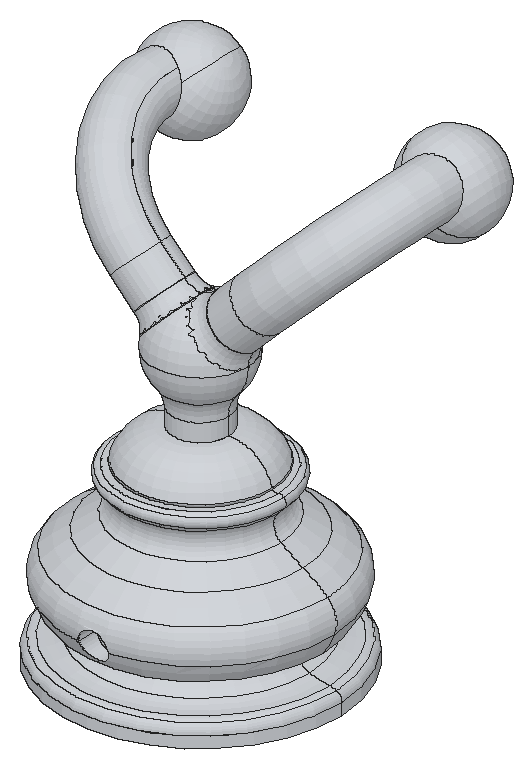
Revit family "Accessory-Robe_Hook-KOHLER-FAIRFAX-K-12153T_1", category Specialty Equipment, host Face, Revit 2017
Family settings
  Host = Face
  Round Connector Dimension = Use Diameter
  Part Type = Normal
  OmniClass Number = 23.31.25.27
  OmniClass Title = Robe Hooks
  Cut with Voids When Loaded = No
  Shared = No
  Room Calculation Point = No
Parameters (values of type "CP-Polished Chrome")
  Width = 2 133/256"  # constant formula
  WaterSense Certified = 1 = 0  # no
  URL = "http://www.kohler.com.cn/"
  Type = 1
  Product Page URL = "http://www.kohler.com.cn/product/K-12153T-CP/K-12153T-CP/"
  Product Name = "FAIRFAX"  # constant formula
  Product Documentation Link = "http://files.kohler.com.cn/pdfs/accessory_fairfax.pdf"
  Model = if(Type = 1, "K-12153T-CP", if(Type = 2, "K-12153T-BN", if(Type = 3, "K-12153T-BV", "NA")))  # "K-12153T-CP"
  Material = "Brass Construction"  # constant formula
  Master Format 2014 Name = "Toilet, Bath, and Laundry Accessories"  # constant formula
  Master Format 2014 = "10 28 00"  # constant formula
  Manufacturer Address = "158 Jiangchang 3rd Road Zhabei District Shanghai, 200436 China"  # constant formula
  Manufacturer = "KOHLER Co."  # constant formula
  Length = 4 1/64"  # constant formula
  Height = 2 133/256"  # constant formula
  Finish = Kohler-Metal-CP-Polished_Chrome
  Environmental Product Declaration = ""
  Description = "Double hook"  # constant formula
  Default Elevation = 42"
  Declare Label = ""
  Date Modified = "06/16/2020"  # constant formula
  Date Created = "06/16/2020"  # constant formula
  Copyright = "Copyright KOHLER Co."  # constant formula
  Contact Us = "http://www.kohler.com.cn/en/contact/contact-us/"
  Assembly Code = "C1030200"
  ADA Compliant = 1 = 0  # no
Types (4): name | Type | Product Page URL | Model | Finish
  (no name) | 1 | "http://www.kohler.com.cn/product/K-12153T-CP/K-12153T-CP/" | "K-12153T-CP" | Kohler-Metal-CP-Polished_Chrome
  CP-Polished Chrome | 1 | "http://www.kohler.com.cn/product/K-12153T-CP/K-12153T-CP/" | "K-12153T-CP" | Kohler-Metal-CP-Polished_Chrome
  BN-Roman Silver | 2 | "http://www.kohler.com.cn/product/K-12153T-CP/K-12153T-BN/" | "K-12153T-BN" | Kohler-Metal-BN-Roman_Silver
  BV-Roman Copper | 3 | "http://www.kohler.com.cn/product/K-12153T-CP/K-12153T-BV/" | "K-12153T-BV" | Kohler-Metal-BV-Roman_Copper
Reference planes (in)
  plane 1 "Center (Front/Back)": y = 0
  plane 2: z = 0
  plane 3 "Center (Left/Right)": x = 0
  plane 4: x = -1.25984
  plane 5: x = 1.25969
  plane 6: y = 1.73228
  plane 7: y = 1.25984
  plane 8: y = -1.25969
  plane 9: z = 4.01562
  plane 10: z = 0.20049
  plane 11: z = 1.85704
  plane 12: x = 1.58282
  plane 13: x = -1.58282
Dimensions and locks (in)
  "Height": plane 7 to plane 8
  "Width": plane 4 to plane 5
  locked: plane 1 "Center (Front/Back)" to plane 6 at 1.73228
  "Length": level to plane 9
  aligned and locked: plane 2 to host face
  aligned and locked: level to host face
  aligned and locked: plane 3 "Center (Left/Right)" to nested 1
  aligned and locked: plane 1 "Center (Front/Back)" to nested 1
Automatic sketch dimensions
  host sketch curve to host sketch curve = 96"  (x2)
Nested families (in)
  nested 1: "K-12153T" at (0, 0, 0), type "K-12153T"
Definition of nested family "K-12153T"
  Parameters (values of type "K-12153T")
    Material = none
  Reference planes (in)
    plane 1 "Center (Front/Back)": y = 0
    plane 2: z = 0
    plane 3 "Center (Left/Right)": x = 0
    plane 4: y = 1.25984
    plane 5: y = -1.25984
    plane 6: x = 1.25984
    plane 7: x = -1.25984
    plane 8: y = 1.73228
    plane 9: z = 4.01575
    plane 10: x = 1.58282
    plane 11: x = -1.58282
  Forms (in)
    Revolve 1, solid, material <- "Material", detail levels medium+fine
      sketch origin (0, 0, 0) x (1, 0, 0) y (0, 0, 1)
        loop
          arc (-0.79194, 0.44291) -> (-0.85448, 0.32376) -> (-0.95937, 0.23946) r 0.33016
          arc (-0.95937, 0.23946) -> (-1.04471, 0.20878) -> (-1.135, 0.20044) r 0.35922
          arc (-1.135, 0.20044) -> (-1.1676, 0.19631) -> (-1.19723, 0.18211) r 0.10282
          arc (-1.19723, 0.18211) -> (-1.22878, 0.14632) -> (-1.24016, 0.09999) r 0.10001
          line (-1.24016, 0.09999) -> (-1.24016, 0) -> (0, 0) -> (0, 2.90092)
          arc (0, 2.90092) -> (-0.30513, 2.773) -> (-0.42528, 2.46472) r 0.42373
          arc (-0.42528, 2.46472) -> (-0.39531, 2.3198) -> (-0.3176, 2.19385) r 0.42629
          arc (-0.3176, 2.19385) -> (-0.26598, 2.10879) -> (-0.24799, 2.01093) r 0.27514
          line (-0.24799, 2.01093) -> (-0.24799, 1.85704)
          arc (-0.24799, 1.85704) -> (-0.48703, 1.78492) -> (-0.63402, 1.58309) r 0.39198
          arc (-0.63402, 1.58309) -> (-0.63107, 1.5652) -> (-0.61489, 1.55701) r 0.02006
          line (-0.61489, 1.55701) -> (-0.6875, 1.55701)
          arc (-0.6875, 1.55701) -> (-0.712, 1.55133) -> (-0.73263, 1.53692) r 0.06629
          arc (-0.73263, 1.53692) -> (-0.75005, 1.49395) -> (-0.73263, 1.45097) r 0.06172
          arc (-0.73263, 1.45097) -> (-0.71118, 1.42875) -> (-0.68985, 1.40642) r 5.95788
          arc (-0.68985, 1.40642) -> (-0.64659, 1.28732) -> (-0.70447, 1.17461) r 0.15842
          arc (-0.70447, 1.17461) -> (-0.79979, 1.10425) -> (-0.90154, 1.04357) r 1.20802
          arc (-0.90154, 1.04357) -> (-1.01456, 0.97302) -> (-1.11673, 0.8875) r 0.96066
          arc (-1.11673, 0.8875) -> (-1.18929, 0.75998) -> (-1.18093, 0.61349) r 0.25901
          arc (-1.18093, 0.61349) -> (-1.14027, 0.52422) -> (-1.08539, 0.44291) r 0.59031
          line (-1.08539, 0.44291) -> (-0.79194, 0.44291)
        axis (0, 2.90092) -> (0, 0)
      angle from 0 to 360
    Extrusion 2, void
      sketch origin (0, 0, 0) x (1, 0, 0) y (0, 0, 1)
        loop
          circle (0, 0.62193) r 0.13243
      from 0.97496 to 1.21449
    Revolve 3, solid, material <- "Material", detail levels medium+fine
      sketch origin (-1.15165, -0.03135, 3.58496) x (0.707107, 0, 0.707107) y (0, 1, 0)
        loop
          line (-0.41569, 1.3621) -> (0.41504, 1.3621)
          arc (0.41504, 1.3621) -> (-0.00032, 1.77747) -> (-0.41569, 1.3621) r 0.41536
        axis (-0.41569, 1.3621) -> (0.41504, 1.3621)
      angle from 0 to 360
    Sweep 4, solid, material <- "Material", detail levels medium+fine
      path origin (0.92979, 0.00381, 1.54564) x (0, 1, 0) y (-0.707107, 0, 0.707107)
        loop
          line (0, 1.76394) -> (0, 2.06028)
          arc (0, 2.06028) -> (0.34866, 2.79965) -> (1.14093, 3.00099) r 0.95828
      profile origin (-0.3175, 0.00381, 2.79293) x (0, -1, 0) y (0.707107, 0, 0.707107)
        loop
          circle (0.00381, 0) r 0.24826
    Revolve 5, solid, material <- "Material", detail levels medium+fine
      sketch origin (1.15165, -0.03135, 3.58496) x (-0.707107, 0, 0.707107) y (0, -1, 0)
        loop
          arc (-0.41569, -1.3621) -> (-0.00032, -1.77747) -> (0.41504, -1.3621) r 0.41536
          line (0.41504, -1.3621) -> (-0.41569, -1.3621)
        axis (-0.41569, -1.3621) -> (0.41504, -1.3621)
      angle from 0 to 360
    Sweep 6, solid, material <- "Material", detail levels medium+fine
      path origin (-0.92979, 0.00381, 1.54564) x (0, 1, 0) y (-0.707107, 0, -0.707107)
        loop
          line (0, -1.76394) -> (0, -2.06028)
          arc (0, -2.06028) -> (0.34866, -2.79965) -> (1.14093, -3.00099) r 0.95828
      profile origin (0.3175, 0.00381, 2.79293) x (0, 1, 0) y (-0.707107, 0, 0.707107)
        loop
          circle (-0.00381, 0) r 0.24826
    Revolve 7, solid, material <- "Material", detail levels medium+fine
      sketch origin (0, 0, 0) x (-1, 0, 0) y (0, 0, 1)
        loop
          line (-0.3175, 2.79293) -> (-0.49305, 2.61738)
          arc (-0.49305, 2.61738) -> (-0.44265, 2.54614) -> (-0.42292, 2.46112) r 0.22657
          line (-0.42292, 2.46112) -> (-0.2043, 2.67974) -> (-0.3175, 2.79293)
        axis (-0.3175, 2.79293) -> (-0.2043, 2.67974)
      angle from 0 to 360
    Revolve 8, solid, material <- "Material", detail levels medium+fine
      sketch origin (0, 0, 0) x (1, 0, 0) y (0, 0, 1)
        loop
          line (-0.3175, 2.79293) -> (-0.49305, 2.61738)
          arc (-0.49305, 2.61738) -> (-0.44265, 2.54614) -> (-0.42292, 2.46112) r 0.22657
          line (-0.42292, 2.46112) -> (-0.2043, 2.67974) -> (-0.3175, 2.79293)
        axis (-0.3175, 2.79293) -> (-0.2043, 2.67974)
      angle from 0 to 360
    Revolve 9, solid, material <- "Material", detail levels coarse
      sketch origin (0, 0, 0) x (0, 1, 0) y (0, 0, 1)
        loop
          line (1.25, 0) -> (1.25, 0.20355) -> (1.08539, 0.20355) -> (1.08539, 1.55701) -> (0.61489, 1.55701) -> (0.61489, 1.85704) -> (0.3182, 1.85704) -> (0.3182, 2.04137)
          arc (0.3182, 2.04137) -> (0.50815, 2.60553) -> (0, 2.9156) r 0.47699
          line (0, 2.9156) -> (0, 0) -> (1.25, 0)
        axis (0, 2.9156) -> (0, 0)
      angle from 0 to 360
    Sweep 10, solid, material <- "Material", detail levels coarse
      path origin (-0.95246, 0.00381, 1.51439) x (0, 1, 0) y (-0.707107, 0, -0.707107)
        loop
          line (0, -1.46516) -> (0, -2.06028)
          arc (0, -2.06028) -> (0.34866, -2.79965) -> (1.14093, -3.00099) r 0.95828
      profile origin (0.08357, 0.00381, 2.55041) x (0, 1, 0) y (-0.707107, 0, 0.707107)
        loop
          spline (-0.3636, 0) -> (-0.35134, -0.09133) -> (-0.31538, -0.17643) -> (-0.25819, -0.2495) -> (-0.18366, -0.30558) -> (-0.09687, -0.34083) -> (-0.00372, -0.35285) -> (0.08942, -0.34083) -> (0.17621, -0.30558) -> (0.25075, -0.2495) -> (0.30794, -0.17643) -> (0.34389, -0.09133) -> (0.35615, 0)
          spline (0.35615, 0) -> (0.34389, 0.09133) -> (0.30794, 0.17643) -> (0.25075, 0.2495) -> (0.17621, 0.30558) -> (0.08942, 0.34083) -> (-0.00372, 0.35285) -> (-0.09687, 0.34083) -> (-0.18366, 0.30558) -> (-0.25819, 0.2495) -> (-0.31538, 0.17643) -> (-0.35134, 0.09133) -> (-0.3636, 0)
    Revolve 11, solid, material <- "Material", detail levels coarse
      sketch origin (1.15165, -0.03135, 3.58496) x (-0.707107, 0, 0.707107) y (0, -1, 0)
        loop
          arc (-0.53412, -1.3621) -> (-0.00032, -1.89589) -> (0.53347, -1.3621) r 0.53379
          line (0.53347, -1.3621) -> (-0.53412, -1.3621)
        axis (-0.53412, -1.3621) -> (0.53347, -1.3621)
      angle from 0 to 360
    Sweep 12, solid, material <- "Material", detail levels coarse
      path origin (0.95246, 0.00381, 1.51439) x (0, 1, 0) y (-0.707107, 0, 0.707107)
        loop
          line (0, 1.46516) -> (0, 2.06028)
          arc (0, 2.06028) -> (0.34866, 2.79965) -> (1.14093, 3.00099) r 0.95828
      profile origin (-0.08357, 0.00381, 2.55041) x (0, -1, 0) y (0.707107, 0, 0.707107)
        loop
          spline (0.3636, 0) -> (0.35134, 0.09133) -> (0.31538, 0.17643) -> (0.25819, 0.2495) -> (0.18366, 0.30558) -> (0.09687, 0.34083) -> (0.00372, 0.35285) -> (-0.08942, 0.34083) -> (-0.17621, 0.30558) -> (-0.25075, 0.2495) -> (-0.30794, 0.17643) -> (-0.34389, 0.09133) -> (-0.35615, 0)
          spline (-0.35615, 0) -> (-0.34389, -0.09133) -> (-0.30794, -0.17643) -> (-0.25075, -0.2495) -> (-0.17621, -0.30558) -> (-0.08942, -0.34083) -> (0.00372, -0.35285) -> (0.09687, -0.34083) -> (0.18366, -0.30558) -> (0.25819, -0.2495) -> (0.31538, -0.17643) -> (0.35134, -0.09133) -> (0.3636, 0)
    Revolve 13, solid, material <- "Material", detail levels coarse
      sketch origin (-1.15165, -0.03135, 3.58496) x (0.707107, 0, 0.707107) y (0, 1, 0)
        loop
          line (-0.53412, 1.3621) -> (0.53347, 1.3621)
          arc (0.53347, 1.3621) -> (-0.00032, 1.89589) -> (-0.53412, 1.3621) r 0.53379
        axis (-0.53412, 1.3621) -> (0.53347, 1.3621)
      angle from 0 to 360
  Cuts and joins
    Extrusion 2 cuts Revolve 1
    joined: Revolve 1, Revolve 3, Sweep 4, Revolve 5, Sweep 6
    joined: Revolve 9, Sweep 10, Revolve 11, Sweep 12, Revolve 13
  Lines and regions (in)
    Masking region 1
      outline origin (0, 0, 0) x (1, 0, 0) y (0, 1, 0)
        loop
          arc (-1.24528, 0.19102) -> (-0.956, -0.82053) -> (0, -1.25984) r 1.25984
          arc (0, -1.25984) -> (0.956, -0.82053) -> (1.24528, 0.19102) r 1.25984
          arc (1.24528, 0.19102) -> (1.40955, 0.60289) -> (1.45263, 1.04422) r 1.57631
          arc (1.45263, 1.04422) -> (1.52815, 1.48644) -> (1.15289, 1.73228) r 0.40932
          arc (1.15289, 1.73228) -> (0.7566, 1.42417) -> (0.95753, 0.96416) r 0.4089
          arc (0.95753, 0.96416) -> (0.95503, 0.88975) -> (0.94715, 0.81572) r 1.02799
          arc (0.94715, 0.81572) -> (0.52306, 1.1433) -> (0, 1.25984) r 1.23203
          arc (0, 1.25984) -> (-0.52306, 1.1433) -> (-0.94715, 0.81572) r 1.23203
          arc (-0.94715, 0.81572) -> (-0.95503, 0.88975) -> (-0.95753, 0.96416) r 1.02799
          arc (-0.95753, 0.96416) -> (-0.7566, 1.42417) -> (-1.15289, 1.73228) r 0.4089
          arc (-1.15289, 1.73228) -> (-1.52815, 1.48644) -> (-1.45263, 1.04422) r 0.40932
          arc (-1.45263, 1.04422) -> (-1.40955, 0.60289) -> (-1.24528, 0.19102) r 1.57631
    Masking region 2
      outline origin (0, 0, 0) x (1, 0, 0) y (0, 0, 1)
        loop
          line (0.79194, 0.44291) -> (1.08539, 0.44291)
          arc (1.08539, 0.44291) -> (1.12115, 0.49211) -> (1.15108, 0.54506) r 0.53319
          arc (1.15108, 0.54506) -> (1.16651, 0.57834) -> (1.18037, 0.6123) r 0.78731
          arc (1.18037, 0.6123) -> (1.19654, 0.7099) -> (1.17345, 0.8061) r 0.24908
          arc (1.17345, 0.8061) -> (1.14089, 0.8598) -> (1.09743, 0.90512) r 0.28701
          arc (1.09743, 0.90512) -> (1.04735, 0.94587) -> (0.99617, 0.98521) r 2.33532
          arc (0.99617, 0.98521) -> (0.94288, 1.02124) -> (0.88645, 1.0521) r 0.68442
          arc (0.88645, 1.0521) -> (0.78753, 1.10986) -> (0.69837, 1.18177) r 0.7637
          arc (0.69837, 1.18177) -> (0.65501, 1.24988) -> (0.64963, 1.33045) r 0.1631
          arc (0.64963, 1.33045) -> (0.66771, 1.37872) -> (0.70123, 1.41788) r 0.14814
          arc (0.70123, 1.41788) -> (0.72088, 1.4363) -> (0.73797, 1.45712) r 0.20678
          arc (0.73797, 1.45712) -> (0.74302, 1.52236) -> (0.6875, 1.55701) r 0.06311
          line (0.6875, 1.55701) -> (0.61489, 1.55701)
          arc (0.61489, 1.55701) -> (0.63067, 1.56461) -> (0.63422, 1.58175) r 0.01978
          arc (0.63422, 1.58175) -> (0.48787, 1.785) -> (0.24799, 1.85704) r 0.38933
          line (0.24799, 1.85704) -> (0.24799, 2.01003)
          arc (0.24799, 2.01003) -> (0.25923, 2.08841) -> (0.29206, 2.16047) r 0.27883
          arc (0.29206, 2.16047) -> (0.31573, 2.19368) -> (0.34257, 2.22439) r 0.41273
          arc (0.34257, 2.22439) -> (0.40216, 2.33617) -> (0.42292, 2.46112) r 0.39131
          arc (0.42292, 2.46112) -> (0.44406, 2.54533) -> (0.49428, 2.61616) r 0.23551
          line (0.49428, 2.61616) -> (1.04883, 3.17071)
          arc (1.04883, 3.17071) -> (1.48206, 3.86311) -> (0.72575, 3.55471) r 0.42913
          line (0.72575, 3.55471) -> (0.14074, 2.9697)
          arc (0.14074, 2.9697) -> (0.07611, 2.92355) -> (0, 2.90089) r 0.24126
          arc (0, 2.90089) -> (-0.07611, 2.92355) -> (-0.14074, 2.9697) r 0.24126
          line (-0.14074, 2.9697) -> (-0.72575, 3.55471)
          arc (-0.72575, 3.55471) -> (-1.48206, 3.86311) -> (-1.04883, 3.17071) r 0.42913
          line (-1.04883, 3.17071) -> (-0.49428, 2.61616)
          arc (-0.49428, 2.61616) -> (-0.44406, 2.54533) -> (-0.42292, 2.46112) r 0.23551
          arc (-0.42292, 2.46112) -> (-0.40216, 2.33617) -> (-0.34257, 2.22439) r 0.39131
          arc (-0.34257, 2.22439) -> (-0.31573, 2.19368) -> (-0.29206, 2.16047) r 0.41273
          arc (-0.29206, 2.16047) -> (-0.25923, 2.08841) -> (-0.24799, 2.01003) r 0.27883
          line (-0.24799, 2.01003) -> (-0.24799, 1.85704)
          arc (-0.24799, 1.85704) -> (-0.48787, 1.785) -> (-0.63422, 1.58175) r 0.38933
          arc (-0.63422, 1.58175) -> (-0.63067, 1.56461) -> (-0.61489, 1.55701) r 0.01978
          line (-0.61489, 1.55701) -> (-0.6875, 1.55701)
          arc (-0.6875, 1.55701) -> (-0.74302, 1.52236) -> (-0.73797, 1.45712) r 0.06311
          arc (-0.73797, 1.45712) -> (-0.72088, 1.4363) -> (-0.70123, 1.41788) r 0.20678
          arc (-0.70123, 1.41788) -> (-0.66771, 1.37872) -> (-0.64963, 1.33045) r 0.14814
          arc (-0.64963, 1.33045) -> (-0.65501, 1.24988) -> (-0.69837, 1.18177) r 0.1631
          arc (-0.69837, 1.18177) -> (-0.78753, 1.10986) -> (-0.88645, 1.0521) r 0.7637
          arc (-0.88645, 1.0521) -> (-0.94288, 1.02124) -> (-0.99617, 0.98521) r 0.68442
          arc (-0.99617, 0.98521) -> (-1.04735, 0.94587) -> (-1.09743, 0.90512) r 2.33532
          arc (-1.09743, 0.90512) -> (-1.14089, 0.8598) -> (-1.17345, 0.8061) r 0.28701
          arc (-1.17345, 0.8061) -> (-1.19654, 0.7099) -> (-1.18037, 0.6123) r 0.24908
          arc (-1.18037, 0.6123) -> (-1.16651, 0.57834) -> (-1.15108, 0.54506) r 0.78731
          arc (-1.15108, 0.54506) -> (-1.12115, 0.49211) -> (-1.08539, 0.44291) r 0.53319
          line (-1.08539, 0.44291) -> (-0.79194, 0.44291)
          arc (-0.79194, 0.44291) -> (-0.90831, 0.27208) -> (-1.10223, 0.20049) r 0.33924
          line (-1.10223, 0.20049) -> (-1.1607, 0.20049)
          arc (-1.1607, 0.20049) -> (-1.2308, 0.17145) -> (-1.25984, 0.10135) r 0.09914
          line (-1.25984, 0.10135) -> (-1.25984, 0) -> (0, 0) -> (1.25984, 0) -> (1.25984, 0.10135)
          arc (1.25984, 0.10135) -> (1.2308, 0.17145) -> (1.1607, 0.20049) r 0.09914
          line (1.1607, 0.20049) -> (1.10223, 0.20049)
          arc (1.10223, 0.20049) -> (0.90831, 0.27208) -> (0.79194, 0.44291) r 0.33924
    Masking region 3
      outline origin (0, 0, 0) x (0, 1, 0) y (0, 0, 1)
        loop
          arc (0.93238, 3.4329) -> (1.39093, 3.18061) -> (1.73228, 3.57734) r 0.41533
          arc (1.73228, 3.57734) -> (1.65144, 3.84103) -> (1.42705, 4.0014) r 0.43012
          arc (1.42705, 4.0014) -> (1.25188, 4.00746) -> (1.09679, 3.92578) r 0.34138
          arc (1.09679, 3.92578) -> (0.788, 3.92449) -> (0.48643, 3.85816) r 1.4569
          arc (0.48643, 3.85816) -> (0.22737, 3.73902) -> (0, 3.56697) r 1.31824
          arc (0, 3.56697) -> (-0.11716, 3.42603) -> (-0.19709, 3.2611) r 0.75836
          arc (-0.19709, 3.2611) -> (-0.23535, 3.10977) -> (-0.24821, 2.9542) r 0.94675
          line (-0.24821, 2.9542) -> (-0.24821, 2.82144)
          arc (-0.24821, 2.82144) -> (-0.425, 2.52099) -> (-0.31454, 2.19035) r 0.42075
          arc (-0.31454, 2.19035) -> (-0.26545, 2.10623) -> (-0.24799, 2.01034) r 0.27795
          line (-0.24799, 2.01034) -> (-0.24799, 1.85704)
          arc (-0.24799, 1.85704) -> (-0.48797, 1.78439) -> (-0.63455, 1.58096) r 0.39122
          arc (-0.63455, 1.58096) -> (-0.63115, 1.56371) -> (-0.61489, 1.55701) r 0.01858
          line (-0.61489, 1.55701) -> (-0.6875, 1.55701)
          arc (-0.6875, 1.55701) -> (-0.74158, 1.52576) -> (-0.74192, 1.46331) r 0.06277
          arc (-0.74192, 1.46331) -> (-0.68956, 1.40866) -> (-0.65208, 1.34291) r 0.3086
          arc (-0.65208, 1.34291) -> (-0.6427, 1.28633) -> (-0.65951, 1.2315) r 0.12531
          arc (-0.65951, 1.2315) -> (-0.70917, 1.16811) -> (-0.77405, 1.12043) r 0.29645
          arc (-0.77405, 1.12043) -> (-0.93631, 1.02304) -> (-1.08959, 0.91205) r 2.19786
          arc (-1.08959, 0.91205) -> (-1.14762, 0.8504) -> (-1.18545, 0.77465) r 0.29114
          arc (-1.18545, 0.77465) -> (-1.19702, 0.69912) -> (-1.18344, 0.62392) r 0.23215
          arc (-1.18344, 0.62392) -> (-1.15664, 0.55919) -> (-1.1237, 0.49736) r 0.72257
          arc (-1.1237, 0.49736) -> (-1.10557, 0.46942) -> (-1.08539, 0.44291) r 0.44297
          line (-1.08539, 0.44291) -> (-0.79194, 0.44291)
          arc (-0.79194, 0.44291) -> (-0.90559, 0.27504) -> (-1.09411, 0.20049) r 0.34348
          line (-1.09411, 0.20049) -> (-1.15484, 0.20049)
          arc (-1.15484, 0.20049) -> (-1.22909, 0.16974) -> (-1.25984, 0.09549) r 0.10501
          line (-1.25984, 0.09549) -> (-1.25984, 0) -> (0, 0) -> (1.25984, 0) -> (1.25984, 0.09549)
          arc (1.25984, 0.09549) -> (1.22909, 0.16974) -> (1.15484, 0.20049) r 0.10501
          line (1.15484, 0.20049) -> (1.09411, 0.20049)
          arc (1.09411, 0.20049) -> (0.90559, 0.27504) -> (0.79194, 0.44291) r 0.34348
          line (0.79194, 0.44291) -> (1.08539, 0.44291)
          arc (1.08539, 0.44291) -> (1.10557, 0.46942) -> (1.1237, 0.49736) r 0.44297
          arc (1.1237, 0.49736) -> (1.15664, 0.55919) -> (1.18344, 0.62392) r 0.72257
          arc (1.18344, 0.62392) -> (1.19702, 0.69912) -> (1.18545, 0.77465) r 0.23215
          arc (1.18545, 0.77465) -> (1.14762, 0.8504) -> (1.08959, 0.91205) r 0.29114
          arc (1.08959, 0.91205) -> (0.93631, 1.02304) -> (0.77405, 1.12043) r 2.19786
          arc (0.77405, 1.12043) -> (0.70917, 1.16811) -> (0.65951, 1.2315) r 0.29645
          arc (0.65951, 1.2315) -> (0.6427, 1.28633) -> (0.65208, 1.34291) r 0.12531
          arc (0.65208, 1.34291) -> (0.68956, 1.40866) -> (0.74192, 1.46331) r 0.3086
          arc (0.74192, 1.46331) -> (0.74158, 1.52576) -> (0.6875, 1.55701) r 0.06277
          line (0.6875, 1.55701) -> (0.61489, 1.55701)
          arc (0.61489, 1.55701) -> (0.63115, 1.56371) -> (0.63455, 1.58096) r 0.01858
          arc (0.63455, 1.58096) -> (0.48797, 1.78439) -> (0.24799, 1.85704) r 0.39122
          line (0.24799, 1.85704) -> (0.24838, 2.01034)
          arc (0.24838, 2.01034) -> (0.26545, 2.10623) -> (0.31454, 2.19035) r 0.27795
          arc (0.31454, 2.19035) -> (0.425, 2.52099) -> (0.24821, 2.82144) r 0.42075
          line (0.24821, 2.82144) -> (0.24821, 2.9542)
          arc (0.24821, 2.9542) -> (0.25367, 3.02708) -> (0.2699, 3.09835) r 0.48986
          arc (0.2699, 3.09835) -> (0.33996, 3.20113) -> (0.43316, 3.28351) r 0.50146
          arc (0.43316, 3.28351) -> (0.5523, 3.35064) -> (0.68121, 3.39629) r 0.79271
          arc (0.68121, 3.39629) -> (0.80579, 3.42147) -> (0.93238, 3.4329) r 1.16362
    symbolic lines, detail levels medium+fine
      curve 1: spline (0, 0.94427, 3.43326) -> (0, 0.95689, 3.43859) -> (0, 0.97378, 3.46034) -> (0, 0.99377, 3.49704) -> (0, 1.01551, 3.54618) -> (0, 1.03751, 3.60442) -> (0, 1.05828, 3.66778) -> (0, 1.0764, 3.73195) -> (0, 1.09064, 3.79255) -> (0, 1.10003, 3.84546) -> (0, 1.10392, 3.88707) -> (0, 1.10205, 3.91454) -> (0, 1.09455, 3.92601)
      curve 2: spline (0, 0, 2.61631) -> (0, 0.03481, 2.61803) -> (0, 0.06893, 2.62317) -> (0, 0.10171, 2.63161) -> (0, 0.13251, 2.64321) -> (0, 0.16072, 2.65773) -> (0, 0.1858, 2.67488) -> (0, 0.20725, 2.69434) -> (0, 0.22465, 2.71572) -> (0, 0.23768, 2.73861) -> (0, 0.24606, 2.76256) -> (0, 0.24965, 2.7871) -> (0, 0.24837, 2.81175)
      curve 3: spline (0, -0.24837, 2.81175) -> (0, -0.24965, 2.7871) -> (0, -0.24606, 2.76256) -> (0, -0.23768, 2.73861) -> (0, -0.22465, 2.71572) -> (0, -0.20725, 2.69434) -> (0, -0.1858, 2.67488) -> (0, -0.16072, 2.65773) -> (0, -0.13251, 2.64321) -> (0, -0.10171, 2.63161) -> (0, -0.06893, 2.62317) -> (0, -0.03481, 2.61803) -> (0, 0, 2.61631)
      curve 4: spline (0, 0.24837, 2.81175) -> (0, 0.27842, 2.77727) -> (0, 0.29901, 2.73947) -> (0, 0.30943, 2.69965) -> (0, 0.30934, 2.65914) -> (0, 0.29874, 2.61934) -> (0, 0.27798, 2.58159) -> (0, 0.24778, 2.54717) -> (0, 0.20916, 2.51726) -> (0, 0.16342, 2.49287) -> (0, 0.11214, 2.47484) -> (0, 0.05704, 2.46376) -> (0, 0, 2.46003)
      curve 5: spline (0, 0, 2.46003) -> (0, -0.05704, 2.46376) -> (0, -0.11214, 2.47484) -> (0, -0.16342, 2.49287) -> (0, -0.20916, 2.51726) -> (0, -0.24778, 2.54717) -> (0, -0.27798, 2.58159) -> (0, -0.29874, 2.61934) -> (0, -0.30934, 2.65914) -> (0, -0.30943, 2.69965) -> (0, -0.29901, 2.73947) -> (0, -0.27842, 2.77727) -> (0, -0.24837, 2.81175)
      curve 6: line (0, -0.61489, 1.55701) -> (0, 0.6875, 1.55701)
      curve 7: line (0, -0.79194, 0.44291) -> (0, 1.08539, 0.44291)
      curve 8: line (0, 0.24799, 1.85704) -> (0, -0.24799, 1.85704)
      curve 9: line (0, 1.09411, 0.20049) -> (0, -1.09411, 0.20049)
      curve 10: line (0.24799, 0, 1.85704) -> (-0.24799, 0, 1.85704)
      curve 11: line (0.61489, 0, 1.55701) -> (-0.61489, 0, 1.55701)
      curve 12: line (0.79194, 0, 0.44291) -> (-0.79194, 0, 0.44291)
      curve 13: line (1.10223, 0, 0.20049) -> (-1.10223, 0, 0.20049)
      curve 14: line (0.70123, 0, 1.41788) -> (-0.70123, 0, 1.41788)
      curve 15: line (0.42292, 0, 2.46112) -> (-0.02028, 0, 2.90432)
      curve 16: line (-0.42401, 0, 2.46003) -> (0.02028, 0, 2.90432)
      curve 17: spline (-0.97557, 1.00696, 0) -> (-0.99162, 1.02079, 0) -> (-1.0136, 1.03471, 0) -> (-1.04089, 1.04834, 0) -> (-1.07277, 1.06131, 0) -> (-1.10837, 1.07326, 0) -> (-1.1467, 1.08386, 0) -> (-1.18674, 1.09284, 0) -> (-1.22738, 1.09994, 0) -> (-1.26753, 1.10497, 0) -> (-1.30608, 1.10779, 0) -> (-1.34199, 1.10834, 0) -> (-1.37429, 1.10658, 0)
      curve 18: spline (-0.96134, 0.99083, 0) -> (-0.96212, 0.99214, 0) -> (-0.96298, 0.99345, 0) -> (-0.96391, 0.99478, 0) -> (-0.96491, 0.99611, 0) -> (-0.96599, 0.99745, 0) -> (-0.96714, 0.99879, 0) -> (-0.96836, 1.00014, 0) -> (-0.96966, 1.00149, 0) -> (-0.97103, 1.00285, 0) -> (-0.97247, 1.00422, 0) -> (-0.97398, 1.00559, 0) -> (-0.97557, 1.00696, 0)
      curve 19: spline (-1.37429, 1.10658, 0) -> (-1.38242, 1.10515, 0) -> (-1.39017, 1.10357, 0) -> (-1.39754, 1.10182, 0) -> (-1.40449, 1.09993, 0) -> (-1.41103, 1.09788, 0) -> (-1.41713, 1.09569, 0) -> (-1.42279, 1.09336, 0) -> (-1.428, 1.09089, 0) -> (-1.43273, 1.08829, 0) -> (-1.43699, 1.08557, 0) -> (-1.44077, 1.08272, 0) -> (-1.44405, 1.07976, 0)
      curve 20: arc (-1.44405, 1.07976, 0) -> (-1.45336, 1.0632, 0) -> (-1.45263, 1.04422, 0) r 0.03489
      curve 21: arc (-0.95753, 0.96416, 0) -> (-0.9569, 0.97786, 0) -> (-0.96134, 0.99083, 0) r 0.03676
      curve 22: spline (0.97557, 1.00696, 0) -> (0.99162, 1.02079, 0) -> (1.0136, 1.03471, 0) -> (1.04089, 1.04834, 0) -> (1.07277, 1.06131, 0) -> (1.10837, 1.07326, 0) -> (1.1467, 1.08386, 0) -> (1.18674, 1.09284, 0) -> (1.22738, 1.09994, 0) -> (1.26753, 1.10497, 0) -> (1.30608, 1.10779, 0) -> (1.34199, 1.10834, 0) -> (1.37429, 1.10658, 0)
      curve 23: spline (0.96134, 0.99083, 0) -> (0.96212, 0.99214, 0) -> (0.96298, 0.99345, 0) -> (0.96391, 0.99478, 0) -> (0.96491, 0.99611, 0) -> (0.96599, 0.99745, 0) -> (0.96714, 0.99879, 0) -> (0.96836, 1.00014, 0) -> (0.96966, 1.00149, 0) -> (0.97103, 1.00285, 0) -> (0.97247, 1.00422, 0) -> (0.97398, 1.00559, 0) -> (0.97557, 1.00696, 0)
      curve 24: spline (1.37429, 1.10658, 0) -> (1.38242, 1.10515, 0) -> (1.39017, 1.10357, 0) -> (1.39754, 1.10182, 0) -> (1.40449, 1.09993, 0) -> (1.41103, 1.09788, 0) -> (1.41713, 1.09569, 0) -> (1.42279, 1.09336, 0) -> (1.428, 1.09089, 0) -> (1.43273, 1.08829, 0) -> (1.43699, 1.08557, 0) -> (1.44077, 1.08272, 0) -> (1.44405, 1.07976, 0)
      curve 25: arc (1.44405, 1.07976, 0) -> (1.45336, 1.0632, 0) -> (1.45263, 1.04422, 0) r 0.03489
      curve 26: arc (0.95753, 0.96416, 0) -> (0.9569, 0.97786, 0) -> (0.96134, 0.99083, 0) r 0.03676
      curve 27: arc (0.34725, 0.24622, 0) -> (0, 0.42568, 0) -> (-0.34725, 0.24622, 0) r 0.42568
      curve 28: arc (0.34725, -0.24622, 0) -> (0, -0.42568, 0) -> (-0.34725, -0.24622, 0) r 0.42568
      curve 29: spline (-0.34725, 0.24622, 0) -> (-0.32178, 0.24971, 0) -> (-0.29622, 0.24797, 0) -> (-0.27111, 0.24102, 0) -> (-0.24697, 0.22901, 0) -> (-0.22431, 0.21219, 0) -> (-0.20361, 0.19092, 0) -> (-0.1853, 0.16565, 0) -> (-0.16976, 0.13689, 0) -> (-0.15733, 0.10526, 0) -> (-0.14825, 0.07143, 0) -> (-0.14273, 0.03609, 0) -> (-0.14088, 0, 0)
      curve 30: spline (-0.14088, 0, 0) -> (-0.14273, -0.03609, 0) -> (-0.14825, -0.07143, 0) -> (-0.15733, -0.10526, 0) -> (-0.16976, -0.13689, 0) -> (-0.1853, -0.16565, 0) -> (-0.20361, -0.19092, 0) -> (-0.22431, -0.21219, 0) -> (-0.24697, -0.22901, 0) -> (-0.27111, -0.24102, 0) -> (-0.29622, -0.24797, 0) -> (-0.32178, -0.24971, 0) -> (-0.34725, -0.24622, 0)
      curve 31: line (-0.34725, 0.24622, 0) -> (-0.52671, 0.24856, 0)
      curve 32: arc (-0.52671, 0.24856, 0) -> (-0.64006, 0.27368, 0) -> (-0.73399, 0.34192, 0) r 0.28504
      curve 33: arc (-0.73399, 0.34192, 0) -> (-0.87814, 0.562, 0) -> (-0.94699, 0.81592, 0) r 0.83842
      curve 34: line (-0.34725, -0.24622, 0) -> (-0.52649, -0.24795, 0)
      curve 35: arc (-0.52649, -0.24795, 0) -> (-0.76456, -0.20882, 0) -> (-0.97535, -0.09147, 0) r 0.70257
      curve 36: arc (-0.97535, -0.09147, 0) -> (-1.11907, 0.04017, 0) -> (-1.24569, 0.18832, 0) r 1.59817
      curve 37: spline (0.34725, 0.24622, 0) -> (0.32178, 0.24971, 0) -> (0.29622, 0.24797, 0) -> (0.27111, 0.24102, 0) -> (0.24697, 0.22901, 0) -> (0.22431, 0.21219, 0) -> (0.20361, 0.19092, 0) -> (0.1853, 0.16565, 0) -> (0.16976, 0.13689, 0) -> (0.15733, 0.10526, 0) -> (0.14825, 0.07143, 0) -> (0.14273, 0.03609, 0) -> (0.14088, 0, 0)
      curve 38: spline (0.14088, 0, 0) -> (0.14273, -0.03609, 0) -> (0.14825, -0.07143, 0) -> (0.15733, -0.10526, 0) -> (0.16976, -0.13689, 0) -> (0.1853, -0.16565, 0) -> (0.20361, -0.19092, 0) -> (0.22431, -0.21219, 0) -> (0.24697, -0.22901, 0) -> (0.27111, -0.24102, 0) -> (0.29622, -0.24797, 0) -> (0.32178, -0.24971, 0) -> (0.34725, -0.24622, 0)
      curve 39: line (0.34725, 0.24622, 0) -> (0.52671, 0.24856, 0)
      curve 40: arc (0.52671, 0.24856, 0) -> (0.64006, 0.27368, 0) -> (0.73399, 0.34192, 0) r 0.28504
      curve 41: arc (0.73399, 0.34192, 0) -> (0.87814, 0.562, 0) -> (0.94699, 0.81592, 0) r 0.83842
      curve 42: line (0.34725, -0.24622, 0) -> (0.52649, -0.24795, 0)
      curve 43: arc (0.52649, -0.24795, 0) -> (0.76456, -0.20882, 0) -> (0.97535, -0.09147, 0) r 0.70257
      curve 44: arc (0.97535, -0.09147, 0) -> (1.11907, 0.04017, 0) -> (1.24569, 0.18832, 0) r 1.59817
      curve 45: arc (-0.71581, -0.22386, 0) -> (0, -0.75, 0) -> (0.71581, -0.22386, 0) r 0.75
      curve 46: arc (0.68715, 0.30055, 0) -> (0, 0.75, 0) -> (-0.68715, 0.30055, 0) r 0.75
      curve 47: line (0, 0.74192, 1.46331) -> (0, -0.74192, 1.46331)
      curve 48: arc (-1.1912, 0.12003, 0) -> (0, -1.19723, 0) -> (1.1912, 0.12003, 0) r 1.19723
      curve 49: arc (0.06415, 0.23955, 0) -> (0.02624, 0.17773, 0) -> (0, 0.11014, 0) r 0.40361
      curve 50: arc (0.33496, 0.24771, 0) -> (0.19758, 0.30908, 0) -> (0.06415, 0.23955, 0) r 0.17287
      curve 51: arc (0, -0.11003, 0) -> (0.00985, -0.14025, 0) -> (0.02179, -0.1697, 0) r 0.45516
      curve 52: arc (0.02179, -0.1697, 0) -> (0.04638, -0.21369, 0) -> (0.07841, -0.25259, 0) r 0.28149
      curve 53: arc (0.07841, -0.25259, 0) -> (0.113, -0.28086, 0) -> (0.15282, -0.30112, 0) r 0.20879
      curve 54: arc (0.15282, -0.30112, 0) -> (0.18632, -0.30914, 0) -> (0.22076, -0.3084, 0) r 0.13452
      curve 55: arc (0.22076, -0.3084, 0) -> (0.28319, -0.28778, 0) -> (0.33526, -0.24763, 0) r 0.19552
      curve 56: arc (-0.06415, 0.23955, 0) -> (-0.02624, 0.17773, 0) -> (0, 0.11014, 0) r 0.40361
      curve 57: arc (-0.33496, 0.24771, 0) -> (-0.19758, 0.30908, 0) -> (-0.06415, 0.23955, 0) r 0.17287
      curve 58: arc (0, -0.11003, 0) -> (-0.00985, -0.14025, 0) -> (-0.02179, -0.1697, 0) r 0.45516
      curve 59: arc (-0.02179, -0.1697, 0) -> (-0.04638, -0.21369, 0) -> (-0.07841, -0.25259, 0) r 0.28149
      curve 60: arc (-0.07841, -0.25259, 0) -> (-0.113, -0.28086, 0) -> (-0.15282, -0.30112, 0) r 0.20879
      curve 61: arc (-0.15282, -0.30112, 0) -> (-0.18632, -0.30914, 0) -> (-0.22076, -0.3084, 0) r 0.13452
      curve 62: arc (-0.22076, -0.3084, 0) -> (-0.28319, -0.28778, 0) -> (-0.33526, -0.24763, 0) r 0.19552
      curve 63: arc (0.63215, 0.27026, 0) -> (0, 0.6875, 0) -> (-0.63215, 0.27026, 0) r 0.6875
      curve 64: arc (0.58212, 0.25474, 0) -> (0, 0.63542, 0) -> (-0.58212, 0.25474, 0) r 0.63542
      curve 65: arc (0.93645, 0.74594, 0) -> (0, 1.19723, 0) -> (-0.93645, 0.74594, 0) r 1.19723
      curve 66: arc (-0.64458, -0.23911, 0) -> (0, -0.6875, 0) -> (0.64458, -0.23911, 0) r 0.6875
      curve 67: arc (-0.58586, -0.24601, 0) -> (0, -0.63542, 0) -> (0.58586, -0.24601, 0) r 0.63542
      curve 68: arc (-1.04883, 0, 3.17071) -> (-0.82703, 0, 3.31201) -> (-0.72575, 0, 3.55471) r 0.43911
      curve 69: arc (1.04883, 0, 3.17071) -> (0.82703, 0, 3.31201) -> (0.72575, 0, 3.55471) r 0.43911
  Dimensions and locks (in)
    plane 5 to plane 4 = 2.51969"
    plane 7 to plane 6 = 2.51969"
    plane 1 "Center (Front/Back)" to plane 8 = 1.73228"
    plane 9 to level = 4.01575"
    aligned and locked: plane 2 to level
